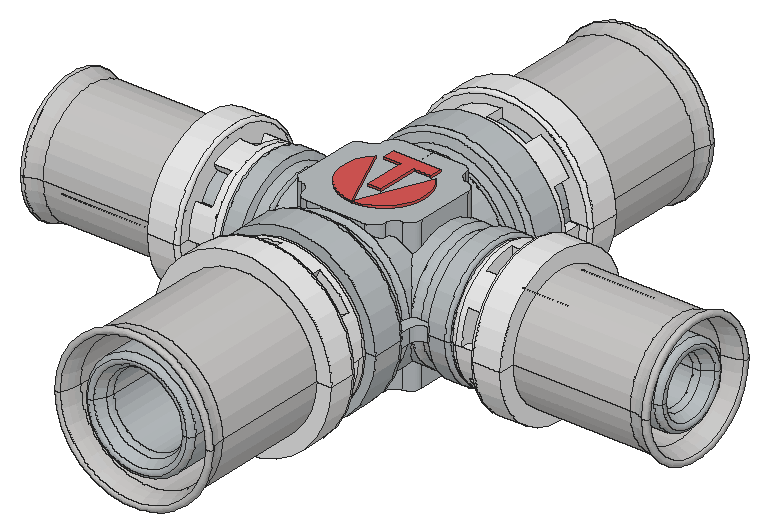
Revit family "VTm_241_КрестовинаПресс1", category Соединительные детали трубопроводов, Revit 2017
Family settings
  Размер круглого соединителя = Использовать диаметр
  Тип детали = Крестовина
  На основе рабочей плоскости = Нет
  Всегда вертикально = Да
  При загрузке вырезать с полостями = Нет
  Общий = Нет
Parameters (values of type "все существующие типоразмеры подбираются автоматически")
  Тело16_20_16_20 = VTm_241_ТелоКрестовины_16_20_16_20 : VTm_241_ТелоКрестовины_16_20_16_20
  Тело20_16_20_16 = VTm_241_ТелоКрестовины_20_16_20_16 : VTm_241_ТелоКрестовины_20_16_20_16
  Тело20 = VTm_241_ТелоКрестовины_20 : VTm_241_ТелоКрестовины_20
  Тело16 = VTm_241_ТелоКрестовины_16 : VTm_241_ТелоКрестовины_16
  Тело [instance] = if(and(DN1 = 16.00 mm, DN2 = 16.00 mm, DN3 = 16.00 mm, DN4 = 16.00 mm), Тело16, if(and(DN1 = 20.00 mm, DN2 = 20.00 mm, DN3 = 20.00 mm, DN4 = 20.00 mm), Тело20, if(and(DN1 = 20.00 mm, DN2 = 16.00 mm, DN3 = 20.00 mm, DN4 = 16.00 mm), Тело20_16_20_16, Тело16_20_16_20)))  # VTm_241_ТелоКрестовины_16_20_16_20 : VTm_241_ТелоКрестовины_16_20_16_20
  Стоимость = 0
  РадБазы4 [instance] = DN4 / 4  # 5.00 mm
  РадБазы3 [instance] = DN3 / 4  # 4.00 mm
  РадБазы2 [instance] = DN2 / 4  # 5.00 mm
  РадБазы1 [instance] = DN1 / 4  # 4.00 mm
  Описание = "Служит для пресс соединения, с пересечением в плоскости, металлополимерных, PEX и PE труб"  # constant formula
  Комментарии к типоразмеру = "Модель разработана по заказу ВЕСТА Регионы, автор Михаил Кузьмин НПО ИНКОМИС, правообладатель ВЕСТА Регионы"  # constant formula
  Имя, размер [instance] = ADSK_Наименование  # "Крестовина пресс 20х16х20х16 VTm.241"
  Изготовитель = "VALTEC"  # constant formula
  ДлинаБазы4 [instance] = size_lookup(DB1, "ST4", 0.00 mm, DN1, DN2, DN3, DN4)  # 19.05 mm
  ДлинаБазы3 [instance] = size_lookup(DB1, "ST3", 0.00 mm, DN1, DN2, DN3, DN4)  # 18.90 mm
  ДлинаБазы2 [instance] = size_lookup(DB1, "ST2", 0.00 mm, DN1, DN2, DN3, DN4)  # 19.05 mm
  ДлинаБазы1 [instance] = size_lookup(DB1, "ST1", 0.00 mm, DN1, DN2, DN3, DN4)  # 18.90 mm
  Гильза4 [instance] = if(DN4 = 16.00 mm, Гильза16, Гильза20)  # VTm_241_Гильза_от_16_до_20 : 20
  Гильза3 [instance] = if(DN3 = 16.00 mm, Гильза16, Гильза20)  # VTm_241_Гильза_от_16_до_20 : 16
  Гильза20 = VTm_241_Гильза_от_16_до_20 : 20
  Гильза2 [instance] = if(DN2 = 16.00 mm, Гильза16, Гильза20)  # VTm_241_Гильза_от_16_до_20 : 20
  Гильза16 = VTm_241_Гильза_от_16_до_20 : 16
  Гильза1 [instance] = if(DN1 = 16.00 mm, Гильза16, Гильза20)  # VTm_241_Гильза_от_16_до_20 : 16
  VT_Цена базовая [instance] = size_lookup(DB3, "ST1", 0, DN1, DN2, DN3, DN4)  # 473
  VT_symbol [instance] = Асфальт, дорожное покрытие
  VT_sleeve = Нержавеющая сталь
  VT_ring = Пластмасса, непрозрачная, белая
  VT_logo = Алюминий, анодированный красный
  VT_body = Цинк
  URL = "http://valtec.ru/catalog/sistemy_metallopolimernyh_i_polimernyh_truboprovodov/press_fitingi/press_fiting_ugolnik_vtm251n.html"
  DN4 [instance] = 20.00 mm
  DN3 [instance] = 16.00 mm
  DN2 [instance] = 20.00 mm
  DN1 [instance] = 16.00 mm
  DB4 = "VTm_241_МассаТекст"  # constant formula
  DB3 = "VTm_241_Артикул_Цены"  # constant formula
  DB2 = "VTm_241_Позиция_Масса"  # constant formula
  DB1 = "VTm_241_Наименование_Размеры"  # constant formula
  ADSK_Примечание [instance] = ""
  ADSK_Позиция [instance] = size_lookup(DB2, "", "Такого типоразмера не существует", DN1, DN2, DN3, DN4)  # "241.2016"
  ADSK_Обозначение [instance] = size_lookup(DB3, "", "Такого типоразмера не существует", DN1, DN2, DN3, DN4)  # "VTm.241.N.201620"
  ADSK_Наименование [instance] = size_lookup(DB1, "", "Такого типоразмера не существует", DN1, DN2, DN3, DN4)  # "Крестовина пресс 20х16х20х16 VTm.241"
  ADSK_Масса_Текст [instance] = size_lookup(DB4, "", " ", DN1, DN2, DN3, DN4)  # "0.219"
  ADSK_Масса [instance] = size_lookup(DB2, "ST1", 0, DN1, DN2, DN3, DN4)  # 0.219
  ADSK_Завод-изготовитель = "VALTEC"  # constant formula
  ADSK_Единица измерения = "шт"  # constant formula
  ADSK_Версия семейства = "01.01"  # constant formula
  ADSK_Версия Revit = "2017"  # constant formula
Reference planes
  plane 1 "По центру (Вперед/Назад)": y = 0
  plane 2: z = 0
  plane 3 "По центру (Влево/Вправо)": x = 0
  plane 4: x = -18.9
  plane 5: y = 19.05
  plane 6: x = 18.9
  plane 7: y = -19.05
  plane 8: y = 39.05
  plane 9: x = -34.9
  plane 10: y = -39.05
  plane 11: x = 34.9
  plane 12: x = -50.9
  plane 13: y = 16
  plane 14: y = -16
  plane 15: y = 59.05
  plane 16: x = -20
  plane 17: x = 20
  plane 18: x = 50.9
  plane 19: y = 16
  plane 20: y = -16
  plane 21: y = -59.05
  plane 22: x = -20
  plane 23: x = 20
  plane 24: z = -0.4
  plane 25: z = 0.4
Forms (mm)
  Extrusion 1, solid, not visible
    sketch origin (0, 0, 0) x (0, 1, 0) y (0, 0, 1)
      loop
        circle (0, 0) r 4
    from 0 to -18.9
  Extrusion 2, solid, not visible
    sketch origin (0, 0, 0) x (1, 0, 0) y (0, 0, 1)
      loop
        circle (0, 0) r 5
    from 0 to -19.05
  Extrusion 3, solid, not visible
    sketch origin (0, 0, 0) x (0, 1, 0) y (0, 0, 1)
      loop
        circle (0, 0) r 4
    from 0 to 18.9
  Extrusion 4, solid, not visible
    sketch origin (0, 0, 0) x (1, 0, 0) y (0, 0, 1)
      loop
        circle (0, 0) r 5
    from 0 to 19.05
  Extrusion 5, solid, material "Асфальт, дорожное покрытие" <- "VT_symbol", detail levels coarse
    sketch origin (0, 0, 0) x (1, 0, 0) y (0, 1, 0)
      loop
        line (-34.9, 0) -> (0, -39.05) -> (34.9, 0) -> (0, 39.05) -> (-34.9, 0)
    from -0.4 to 0.4
Lines and regions (mm)
  model lines, style "VT_symbol", detail levels medium
    curve 1: line (-50.9, 16, 0) -> (-18.9, -16, 0)
    curve 2: line (-50.9, -16, 0) -> (-18.9, 16, 0)
    curve 3: line (-20, 59.05, 0) -> (20, 19.05, 0)
    curve 4: line (20, 59.05, 0) -> (-20, 19.05, 0)
    curve 5: line (18.9, 16, 0) -> (50.9, -16, 0)
    curve 6: line (50.9, 16, 0) -> (18.9, -16, 0)
    curve 7: line (-20, -19.05, 0) -> (20, -59.05, 0)
    curve 8: line (-20, -59.05, 0) -> (20, -19.05, 0)
  model lines, style "VT_symbol", detail levels coarse+medium
    curve 9: line (0, 19.05, 0) -> (0, -19.05, 0)
    curve 10: line (-18.9, 0, 0) -> (18.9, 0, 0)
Dimensions and locks
  "ДлинаБазы1": plane 4 to plane 3 "По центру (Влево/Вправо)"
  "ДлинаБазы2": plane 5 to plane 1 "По центру (Вперед/Назад)"
  "ДлинаБазы3": plane 3 "По центру (Влево/Вправо)" to plane 6
  "ДлинаБазы4": plane 7 to plane 1 "По центру (Вперед/Назад)"
  "DN1": plane 9 to plane 4
  "DN2": plane 8 to plane 5
  "DN3": plane 6 to plane 11
  "DN4": plane 10 to plane 7
  equal spacing: plane 12, plane 9, plane 4
  "DN1": plane 13 to plane 1 "По центру (Вперед/Назад)"
  equal spacing: plane 13, plane 1 "По центру (Вперед/Назад)", plane 14
  equal spacing: plane 5, plane 8, plane 15
  "DN2": plane 16 to plane 3 "По центру (Влево/Вправо)"
  equal spacing: plane 16, plane 3 "По центру (Влево/Вправо)", plane 17
  equal spacing: plane 6, plane 11, plane 18
  "DN3": plane 19 to plane 1 "По центру (Вперед/Назад)"
  equal spacing: plane 19, plane 1 "По центру (Вперед/Назад)", plane 20
  "DN4": plane 22 to plane 3 "По центру (Влево/Вправо)"
  equal spacing: plane 22, plane 3 "По центру (Влево/Вправо)", plane 23
  equal spacing: plane 21, plane 10, plane 7
  equal spacing: plane 25, plane 2, plane 24, locked at 0.4 each
  "РадБазы1": radius of Extrusion 1 sketch curve
  "РадБазы2": radius of Extrusion 2 sketch curve
  "РадБазы3": radius of Extrusion 3 sketch curve
  "РадБазы4": radius of Extrusion 4 sketch curve
  aligned and locked: level to plane 2
  aligned and locked: plane 1 "По центру (Вперед/Назад)" to Extrusion 1 sketch curve
  aligned and locked: plane 2 to Extrusion 1 sketch curve
  aligned and locked: plane 3 "По центру (Влево/Вправо)" to Extrusion 2 sketch curve
  aligned and locked: plane 2 to Extrusion 2 sketch curve
  aligned and locked: Extrusion 1 to plane 3 "По центру (Влево/Вправо)"
  aligned and locked: plane 1 "По центру (Вперед/Назад)" to Extrusion 2
  aligned and locked: plane 5 to Extrusion 2
  aligned and locked: Extrusion 1 to plane 4
  aligned and locked: plane 1 "По центру (Вперед/Назад)" to nested 1
  aligned and locked: plane 3 "По центру (Влево/Вправо)" to nested 1
  aligned and locked: plane 1 "По центру (Вперед/Назад)" to Extrusion 3 sketch curve
  aligned and locked: plane 2 to Extrusion 3 sketch curve
  aligned and locked: Extrusion 3 to plane 3 "По центру (Влево/Вправо)"
  aligned and locked: Extrusion 3 to plane 6
  aligned and locked: plane 3 "По центру (Влево/Вправо)" to Extrusion 4 sketch curve
  aligned and locked: plane 2 to Extrusion 4 sketch curve
  aligned and locked: Extrusion 4 to plane 1 "По центру (Вперед/Назад)"
  aligned and locked: plane 7 to Extrusion 4
  aligned and locked: nested 2 to plane 1 "По центру (Вперед/Назад)"
  aligned and locked: nested 4 to plane 1 "По центру (Вперед/Назад)"
  aligned and locked: plane 3 "По центру (Влево/Вправо)" to nested 3
  aligned and locked: plane 3 "По центру (Влево/Вправо)" to nested 5
  aligned and locked: nested 6 to plane 1 "По центру (Вперед/Назад)"
  aligned and locked: nested 6 to plane 2
  aligned and locked: nested 8 to plane 1 "По центру (Вперед/Назад)"
  aligned and locked: nested 8 to plane 2
  aligned and locked: plane 3 "По центру (Влево/Вправо)" to nested 7
  aligned and locked: nested 7 to plane 2
  aligned and locked: plane 3 "По центру (Влево/Вправо)" to nested 9
  aligned and locked: nested 9 to plane 2
  aligned and locked: plane 22 to curve 8
  aligned and locked: plane 21 to curve 8
  aligned and locked: plane 21 to curve 7
  aligned and locked: plane 23 to curve 7
  aligned and locked: plane 7 to curve 8
  aligned and locked: plane 23 to curve 8
  aligned and locked: plane 7 to curve 7
  aligned and locked: plane 22 to curve 7
  aligned and locked: plane 14 to curve 2
  aligned and locked: plane 12 to curve 2
  aligned and locked: plane 14 to curve 1
  aligned and locked: plane 4 to curve 1
  aligned and locked: plane 13 to curve 1
  aligned and locked: plane 12 to curve 1
  aligned and locked: plane 13 to curve 2
  aligned and locked: plane 4 to curve 2
  aligned and locked: plane 5 to curve 4
  aligned and locked: plane 16 to curve 4
  aligned and locked: plane 15 to curve 3
  aligned and locked: plane 16 to curve 3
  aligned and locked: plane 15 to curve 4
  aligned and locked: plane 17 to curve 4
  aligned and locked: plane 5 to curve 3
  aligned and locked: plane 17 to curve 3
  aligned and locked: curve 9 to nested 1
  aligned and locked: plane 5 to curve 9
  aligned and locked: plane 7 to curve 9
  aligned and locked: plane 1 "По центру (Вперед/Назад)" to curve 10
  aligned and locked: plane 4 to curve 10
  aligned and locked: plane 6 to curve 10
  aligned and locked: plane 10 to Extrusion 5 sketch curve
  aligned and locked: plane 3 "По центру (Влево/Вправо)" to Extrusion 5 sketch curve  (x2)
  aligned and locked: plane 9 to Extrusion 5 sketch curve
  aligned and locked: plane 1 "По центру (Вперед/Назад)" to Extrusion 5 sketch curve  (x2)
  aligned and locked: plane 8 to Extrusion 5 sketch curve
  aligned and locked: plane 11 to Extrusion 5 sketch curve
  aligned and locked: Extrusion 5 to plane 24
  aligned and locked: plane 25 to Extrusion 5
Automatic sketch dimensions
  curve 5 to plane 6 = 0.00 mm
  curve 6 to plane 6 = 0.00 mm
  plane 13 to curve 6 = 0.00 mm
  curve 6 to plane 18 = 0.00 mm
  plane 14 to curve 5 = 0.00 mm
  curve 5 to plane 18 = 0.00 mm
  plane 14 to curve 6 = 0.00 mm
  plane 13 to curve 5 = 0.00 mm
Nested families
  nested 1: "VTm_241_ТелоКрестовины_16_20_16_20" at (0, 0, 0), type <- "Тело", type "VTm_241_ТелоКрестовины_16_20_16_20", detail levels fine
  nested 2: "VTm_241_Гильза_от_16_до_20" at (-18.9, 0, 0) x (0, 1, 0) z (-1, 0, 0), type <- "Гильза1", type "16", detail levels fine
  nested 3: "VTm_241_Гильза_от_16_до_20" at (0, -19.05, 0) x (1, 0, 0) z (0, -1, 0), type <- "Гильза4", type "20", detail levels fine
  nested 4: "VTm_241_Гильза_от_16_до_20" at (18.9, 0, 0) x (0, 1, 0) z (1, 0, 0), type <- "Гильза3", type "16", detail levels fine
  nested 5: "VTm_241_Гильза_от_16_до_20" at (0, 19.05, 0) x (1, 0, 0) z (0, 1, 0), type <- "Гильза2", type "20", detail levels fine
  nested 6: "MarkR" at (18.9, 0, 0) x (0, 1, 0) z (1, 0, 0), type "MarkR", not visible
  nested 7: "MarkR" at (0, 19.05, 0) x (1, 0, 0) z (0, -1, 0), type "MarkR", not visible
  nested 8: "MarkR" at (-18.9, 0, 0) x (0, 1, 0) z (1, 0, 0), type "MarkR", not visible
  nested 9: "MarkR" at (0, -19.05, 0) x (1, 0, 0) z (0, -1, 0), type "MarkR", not visible
Connectors
  piping at (-18.9, 0, 0), diameter 16, driven by "DN1"
    settings: on Extrusion 1, index 1, connector inside diameter 609.6 mm, connector length 0.00 mm, flow factor 0, pipe flow 0.0 L/s, pressure drop 0.0 Pa, fitting loss kfactor 0, connector angle 0.00°, fixture units 0, engagement length 0.00 mm, angle of deflection 0.00°, flow configuration 0, flow direction 0, fitting loss method 0, system type 28, joint type 0, gender type 0, connector reference index 3, connector utility 0, adjustable connector no, is connector primary yes, connector description ""
  piping at (0, 19.05, 0), diameter 20, driven by "DN2"
    settings: on Extrusion 2, index 2, connector inside diameter 609.6 mm, connector length 0.00 mm, flow factor 0, pipe flow 0.0 L/s, pressure drop 0.0 Pa, fitting loss kfactor 0, connector angle 0.00°, fixture units 0, engagement length 0.00 mm, angle of deflection 0.00°, flow configuration 0, flow direction 0, fitting loss method 0, system type 28, joint type 0, gender type 0, connector reference index 4, connector utility 0, adjustable connector no, is connector primary no, connector description ""
  piping at (18.9, 0, 0), diameter 16, driven by "DN3"
    settings: on Extrusion 3, index 3, connector inside diameter 609.6 mm, connector length 0.00 mm, flow factor 0, pipe flow 0.0 L/s, pressure drop 0.0 Pa, fitting loss kfactor 0, connector angle 0.00°, fixture units 0, engagement length 0.00 mm, angle of deflection 0.00°, flow configuration 0, flow direction 0, fitting loss method 0, system type 28, joint type 0, gender type 0, connector reference index 1, connector utility 0, adjustable connector no, is connector primary no, connector description ""
  piping at (0, -19.05, 0), diameter 20, driven by "DN4"
    settings: on Extrusion 4, index 4, connector inside diameter 609.6 mm, connector length 0.00 mm, flow factor 0, pipe flow 0.0 L/s, pressure drop 0.0 Pa, fitting loss kfactor 0, connector angle 0.00°, fixture units 0, engagement length 0.00 mm, angle of deflection 0.00°, flow configuration 0, flow direction 0, fitting loss method 0, system type 28, joint type 0, gender type 0, connector reference index 2, connector utility 0, adjustable connector no, is connector primary no, connector description ""
Definition of nested family "VTm_241_ТелоКрестовины_16_20_16_20"
  Parameters (values of type "VTm_241_ТелоКрестовины_16_20_16_20")
    Description = ""
    Type Comments = ""
    VT_body = none
    VT_logo = none
  Reference planes
    plane 1 "По центру (Вперед/Назад)": y = 0
    plane 2: z = 0
    plane 3 "По центру (Влево/Вправо)": x = 0
    plane 4: z = -11.119
    plane 5: z = 11.119
    plane 6: z = -1
    plane 7: z = 1
  Forms (mm)
    Revolve 1, solid, material <- "VT_body"
      sketch origin (0, 0, 0) x (1, 0, 0) y (0, 1, 0)
        loop
          line (-17.108, 0) -> (-17.108, -8.992)
          arc (-17.108, -8.992) -> (-16.959, -9.351) -> (-16.6, -9.5) r 0.508
          line (-16.6, -9.5) -> (-14.108, -9.5) -> (-13.84, -8.5) -> (-12.227, -8.5)
          arc (-12.227, -8.5) -> (-11.614, -8.631) -> (-11.109, -9) r 1.5
          line (-11.109, -9) -> (11.109, -9)
          arc (11.109, -9) -> (11.614, -8.631) -> (12.227, -8.5) r 1.5
          line (12.227, -8.5) -> (13.84, -8.5) -> (14.108, -9.5) -> (16.6, -9.5)
          arc (16.6, -9.5) -> (16.959, -9.351) -> (17.108, -8.992) r 0.508
          line (17.108, -8.992) -> (17.108, 0) -> (-17.108, 0)
        axis (-17.108, 0) -> (17.108, 0)
      angle from 0 to 360
    Revolve 2, solid, material <- "VT_body"
      sketch origin (0, 0, 0) x (0, -1, 0) y (-1, 0, 0)
        loop
          line (17.25, 0) -> (-17.25, 0) -> (-17.25, -12.5) -> (-12.613, -12.5)
          arc (-12.613, -12.5) -> (-12.202, -12.361) -> (-11.961, -12) r 0.675
          line (-11.961, -12) -> (-11.614, -10.706) -> (-10, -10.706)
          arc (-10, -10.706) -> (-9.465, -10.825) -> (-9, -11.109) r 1.5
          line (-9, -11.109) -> (9, -11.109)
          arc (9, -11.109) -> (9.465, -10.825) -> (10, -10.727) r 1.5
          line (10, -10.727) -> (11.614, -10.706) -> (11.961, -12)
          arc (11.961, -12) -> (12.202, -12.361) -> (12.613, -12.5) r 0.675
          line (12.613, -12.5) -> (17.25, -12.5) -> (17.25, 0)
        axis (-17.25, 0) -> (17.25, 0)
      angle from 0 to 360
    Extrusion 3, solid, material <- "VT_body"
      sketch origin (0.118, 0, 0) x (1, 0, 0) y (0, 1, 0)
        loop
          line (-9.118, 4.232) -> (-9.118, -4.232)
          arc (-9.118, -4.232) -> (-8.644, -5.429) -> (-7.48, -5.979) r 1.751
          arc (-7.48, -5.979) -> (-6.572, -6.397) -> (-6.178, -7.315) r 1.393
          arc (-6.178, -7.315) -> (-5.642, -8.51) -> (-4.427, -9) r 1.752
          line (-4.427, -9) -> (4.191, -9)
          arc (4.191, -9) -> (5.406, -8.51) -> (5.942, -7.315) r 1.752
          arc (5.942, -7.315) -> (6.336, -6.397) -> (7.244, -5.979) r 1.393
          arc (7.244, -5.979) -> (8.408, -5.429) -> (8.882, -4.232) r 1.751
          line (8.882, -4.232) -> (8.882, 4.232)
          arc (8.882, 4.232) -> (8.408, 5.429) -> (7.244, 5.979) r 1.751
          arc (7.244, 5.979) -> (6.336, 6.397) -> (5.942, 7.315) r 1.393
          arc (5.942, 7.315) -> (5.406, 8.51) -> (4.191, 9) r 1.752
          line (4.191, 9) -> (-4.427, 9)
          arc (-4.427, 9) -> (-5.642, 8.51) -> (-6.178, 7.315) r 1.752
          arc (-6.178, 7.315) -> (-6.572, 6.397) -> (-7.48, 5.979) r 1.393
          arc (-7.48, 5.979) -> (-8.644, 5.429) -> (-9.118, 4.232) r 1.751
      from -11.119 to 11.119
    Extrusion 4, solid, material <- "VT_body"
      sketch origin (-5.137, 1.607, 0) x (1, 0, 0) y (0, 1, 0)
        loop
          line (-5.562, 10.01) -> (-6.81, 10.337)
          arc (-6.81, 10.337) -> (-7.206, 10.565) -> (-7.363, 10.995) r 0.668
          line (-7.363, 10.995) -> (-7.363, 9.401)
          arc (-7.363, 9.401) -> (-7.833, 8.301) -> (-8.954, 7.882) r 1.521
          line (-8.954, 7.882) -> (-8.754, 6.893) -> (-7.105, 6.893)
          arc (-7.105, 6.893) -> (-6.014, 7.345) -> (-5.562, 8.436) r 1.543
          line (-5.562, 8.436) -> (-5.562, 10.01)
      from -1 to 1
    Extrusion 5, solid, material <- "VT_body"
      sketch origin (5.137, 1.607, 0) x (-1, 0, 0) y (0, -1, 0)
        loop
          line (-5.562, -10.01) -> (-5.562, -8.436)
          arc (-5.562, -8.436) -> (-6.014, -7.345) -> (-7.105, -6.893) r 1.543
          line (-7.105, -6.893) -> (-8.754, -6.893) -> (-8.954, -7.882)
          arc (-8.954, -7.882) -> (-7.833, -8.301) -> (-7.363, -9.401) r 1.521
          line (-7.363, -9.401) -> (-7.363, -10.995)
          arc (-7.363, -10.995) -> (-7.206, -10.565) -> (-6.81, -10.337) r 0.668
          line (-6.81, -10.337) -> (-5.562, -10.01)
      from -1 to 1
    Extrusion 6, solid, material <- "VT_body"
      sketch origin (-5.137, -1.607, 0) x (1, 0, 0) y (0, 1, 0)
        loop
          line (-5.562, -10.01) -> (-5.562, -8.436)
          arc (-5.562, -8.436) -> (-6.014, -7.345) -> (-7.105, -6.893) r 1.543
          line (-7.105, -6.893) -> (-8.754, -6.893) -> (-8.954, -7.882)
          arc (-8.954, -7.882) -> (-7.833, -8.301) -> (-7.363, -9.401) r 1.521
          line (-7.363, -9.401) -> (-7.363, -10.995)
          arc (-7.363, -10.995) -> (-7.206, -10.565) -> (-6.81, -10.337) r 0.668
          line (-6.81, -10.337) -> (-5.562, -10.01)
      from -1 to 1
    Extrusion 7, solid, material <- "VT_body"
      sketch origin (5.137, -1.607, 0) x (-1, 0, 0) y (0, -1, 0)
        loop
          line (-5.562, 10.01) -> (-6.81, 10.337)
          arc (-6.81, 10.337) -> (-7.206, 10.565) -> (-7.363, 10.995) r 0.668
          line (-7.363, 10.995) -> (-7.363, 9.401)
          arc (-7.363, 9.401) -> (-7.833, 8.301) -> (-8.954, 7.882) r 1.521
          line (-8.954, 7.882) -> (-8.754, 6.893) -> (-7.105, 6.893)
          arc (-7.105, 6.893) -> (-6.014, 7.345) -> (-5.562, 8.436) r 1.543
          line (-5.562, 8.436) -> (-5.562, 10.01)
      from -1 to 1
  Cuts and joins
    joined: Revolve 1, Revolve 2
  Dimensions and locks
    equal spacing: plane 5, plane 2, plane 4, locked at 11.119 each
    equal spacing: plane 7, plane 2, plane 6, locked at 1 each
    equal spacing: Extrusion 3, plane 3 "По центру (Влево/Вправо)", Extrusion 3, locked at 9 each
    equal spacing: Extrusion 3, plane 1 "По центру (Вперед/Назад)", Extrusion 3, locked at 9 each
    equal spacing: cut or joined group of Revolve 1, Revolve 2, plane 1 "По центру (Вперед/Назад)", cut or joined group of Revolve 1, Revolve 2, locked at 17.25 each
    equal spacing: cut or joined group of Revolve 1, Revolve 2, plane 3 "По центру (Влево/Вправо)", cut or joined group of Revolve 1, Revolve 2, locked at 14.108 each
    equal spacing: Extrusion 6, plane 3 "По центру (Влево/Вправо)", Extrusion 7, locked at 10.7 each
    equal spacing: Extrusion 6, plane 3 "По центру (Влево/Вправо)", Extrusion 7, locked at 12.5 each
    equal spacing: Extrusion 4, plane 1 "По центру (Вперед/Назад)", Extrusion 6, locked at 8.5 each
    equal spacing: Extrusion 4, plane 3 "По центру (Влево/Вправо)", Extrusion 5, locked at 10.7 each
    equal spacing: Extrusion 4, plane 3 "По центру (Влево/Вправо)", Extrusion 5, locked at 12.5 each
    equal spacing: Extrusion 7, plane 1 "По центру (Вперед/Назад)", Extrusion 5, locked at 8.5 each
    aligned and locked: level to plane 2
    aligned and locked: plane 1 "По центру (Вперед/Назад)" to Revolve 1 sketch curve
    aligned and locked: Revolve 1 sketch curve to plane 2
    aligned and locked: Revolve 1 sketch curve to Revolve 1 sketch curve
    aligned and locked: Revolve 2 sketch curve to Revolve 2 sketch curve
    aligned and locked: Revolve 2 sketch curve to plane 3 "По центру (Влево/Вправо)"
    aligned and locked: Revolve 2 sketch curve to plane 2
    aligned and locked: Extrusion 3 to plane 4
    aligned and locked: Extrusion 3 to plane 5
    aligned and locked: Extrusion 4 to plane 6
    aligned and locked: plane 7 to Extrusion 4
    aligned and locked: plane 3 "По центру (Влево/Вправо)" to nested 1
    aligned and locked: plane 1 "По центру (Вперед/Назад)" to nested 1
    aligned and locked: nested 2 to plane 3 "По центру (Влево/Вправо)"
    aligned and locked: plane 1 "По центру (Вперед/Назад)" to nested 2
    aligned and locked: Extrusion 7 to plane 6
    aligned and locked: plane 7 to Extrusion 7
    aligned and locked: plane 7 to Extrusion 5
    aligned and locked: Extrusion 5 to plane 6
    aligned and locked: Extrusion 6 to plane 6
    aligned and locked: plane 7 to Extrusion 6
  Automatic sketch dimensions
    Revolve 1 sketch curve to Revolve 1 sketch curve = 14.564 mm
    Revolve 1 sketch curve to Revolve 1 sketch curve = 0.00 mm
    Revolve 2 sketch curve to plane 1 "По центру (Вперед/Назад)" = 17.25 mm
    Revolve 2 sketch curve to Revolve 2 sketch curve = 0.00 mm
    Extrusion 3 sketch curve to plane 3 "По центру (Влево/Вправо)" = 9.00 mm
    Extrusion 3 sketch curve to Extrusion 3 sketch curve = 1.548 mm  (x2)
    Extrusion 3 sketch curve to Extrusion 3 sketch curve = 1.751 mm  (x3)
    Extrusion 3 sketch curve to Extrusion 3 sketch curve = 3.143 mm  (x2)
    Extrusion 3 sketch curve to Extrusion 3 sketch curve = 0.00 mm  (x8)
    plane 3 "По центру (Влево/Вправо)" to Extrusion 3 sketch curve = 4.309 mm  (x2)
    Extrusion 3 sketch curve to Extrusion 3 sketch curve = 2.94 mm  (x2)
    Extrusion 3 sketch curve to Extrusion 3 sketch curve = 0.203 mm  (x2)
    plane 1 "По центру (Вперед/Назад)" to Extrusion 3 sketch curve = 9.00 mm
    Extrusion 3 sketch curve to Extrusion 3 sketch curve = 1.631 mm  (x2)
    Extrusion 3 sketch curve to Extrusion 3 sketch curve = 1.752 mm  (x3)
    Extrusion 3 sketch curve to Extrusion 3 sketch curve = 3.137 mm  (x4)
    Extrusion 3 sketch curve to plane 1 "По центру (Вперед/Назад)" = 4.232 mm  (x2)
    Extrusion 3 sketch curve to Extrusion 3 sketch curve = 3.016 mm  (x2)
    Extrusion 4 sketch curve to plane 3 "По центру (Влево/Вправо)" = 14.091 mm
    Extrusion 4 sketch curve to Extrusion 4 sketch curve = 0.07 mm
    Extrusion 4 sketch curve to Extrusion 4 sketch curve = 0.20 mm
    Extrusion 4 sketch curve to Extrusion 4 sketch curve = 1.521 mm
    Extrusion 4 sketch curve to Extrusion 4 sketch curve = 0.257 mm
    Extrusion 4 sketch curve to Extrusion 4 sketch curve = 0.552 mm
    Extrusion 4 sketch curve to Extrusion 4 sketch curve = 0.115 mm
    Extrusion 4 sketch curve to Extrusion 4 sketch curve = 1.543 mm
    Extrusion 4 sketch curve to plane 1 "По центру (Вперед/Назад)" = 8.50 mm
    Extrusion 4 sketch curve to Extrusion 4 sketch curve = 0.989 mm
    Extrusion 4 sketch curve to Extrusion 4 sketch curve = 1.575 mm
    Extrusion 4 sketch curve to Extrusion 4 sketch curve = 0.936 mm
    Extrusion 5 sketch curve to plane 3 "По центру (Влево/Вправо)" = 14.091 mm
    Extrusion 5 sketch curve to Extrusion 5 sketch curve = 0.07 mm
    Extrusion 5 sketch curve to Extrusion 5 sketch curve = 0.20 mm
    Extrusion 5 sketch curve to Extrusion 5 sketch curve = 1.521 mm
    Extrusion 5 sketch curve to Extrusion 5 sketch curve = 0.257 mm
    Extrusion 5 sketch curve to Extrusion 5 sketch curve = 0.552 mm
    Extrusion 5 sketch curve to Extrusion 5 sketch curve = 0.115 mm
    Extrusion 5 sketch curve to Extrusion 5 sketch curve = 1.543 mm
    plane 1 "По центру (Вперед/Назад)" to Extrusion 5 sketch curve = 8.50 mm
    Extrusion 5 sketch curve to Extrusion 5 sketch curve = 0.989 mm
    Extrusion 5 sketch curve to Extrusion 5 sketch curve = 1.575 mm
    Extrusion 5 sketch curve to Extrusion 5 sketch curve = 0.936 mm
    plane 3 "По центру (Влево/Вправо)" to Extrusion 6 sketch curve = 14.091 mm
    Extrusion 6 sketch curve to Extrusion 6 sketch curve = 0.07 mm
    Extrusion 6 sketch curve to Extrusion 6 sketch curve = 0.20 mm
    Extrusion 6 sketch curve to Extrusion 6 sketch curve = 1.521 mm
    Extrusion 6 sketch curve to Extrusion 6 sketch curve = 0.257 mm
    Extrusion 6 sketch curve to Extrusion 6 sketch curve = 0.552 mm
    Extrusion 6 sketch curve to Extrusion 6 sketch curve = 0.115 mm
    Extrusion 6 sketch curve to Extrusion 6 sketch curve = 1.543 mm
    Extrusion 6 sketch curve to plane 1 "По центру (Вперед/Назад)" = 8.50 mm
    Extrusion 6 sketch curve to Extrusion 6 sketch curve = 0.989 mm
    Extrusion 6 sketch curve to Extrusion 6 sketch curve = 1.575 mm
    Extrusion 6 sketch curve to Extrusion 6 sketch curve = 0.936 mm
    plane 3 "По центру (Влево/Вправо)" to Extrusion 7 sketch curve = 14.091 mm
    Extrusion 7 sketch curve to Extrusion 7 sketch curve = 0.07 mm
    Extrusion 7 sketch curve to Extrusion 7 sketch curve = 0.20 mm
    Extrusion 7 sketch curve to Extrusion 7 sketch curve = 1.521 mm
    Extrusion 7 sketch curve to Extrusion 7 sketch curve = 0.257 mm
    Extrusion 7 sketch curve to Extrusion 7 sketch curve = 0.552 mm
    Extrusion 7 sketch curve to Extrusion 7 sketch curve = 0.115 mm
    Extrusion 7 sketch curve to Extrusion 7 sketch curve = 1.543 mm
    plane 1 "По центру (Вперед/Назад)" to Extrusion 7 sketch curve = 8.50 mm
    Extrusion 7 sketch curve to Extrusion 7 sketch curve = 0.989 mm
    Extrusion 7 sketch curve to Extrusion 7 sketch curve = 1.575 mm
    Extrusion 7 sketch curve to Extrusion 7 sketch curve = 0.936 mm
  Nested families
    nested 1: "VTm_241_Logo_12mm" at (0, 0, 11.119), type "VTm_241_Logo_12mm"
    nested 2: "VTm_241_Logo_12mm" at (0, 0, -11.119) x (-1, 0, 0) z (0, 0, -1), type "VTm_241_Logo_12mm"
  Definition of nested family "VTm_241_Logo_12mm"
    Parameters (values of type "VTm_241_Logo_12mm")
      Default Elevation = 0.00 mm
      Description = ""
      Type Comments = ""
      VT_logo = none
    Reference planes
      plane 1 "По центру (Вперед/Назад)": y = 0
      plane 2: z = 0
      plane 3 "По центру (Влево/Вправо)": x = 0
      plane 4: z = -0.8
      plane 5: z = 0.25
    Forms (mm)
      Extrusion 1, solid, not visible
        sketch origin (0, 0, 0) x (1, 0, 0) y (0, 1, 0)
          loop
            line (-1219.2, 1219.2) -> (-1219.2, -1219.2) -> (1219.2, -1219.2) -> (1219.2, 1219.2) -> (-1219.2, 1219.2)
        from 0 to -304.8
      Extrusion 2, solid, material <- "VT_logo"
        sketch origin (0, 0, 0) x (1, 0, 0) y (0, 1, 0)
          loop
            line (-3.5, 6.117) -> (-3.5, 4.317) -> (-0.95, 4.317) -> (-0.95, -1.8) -> (0.95, -1.8) -> (0.95, 4.317) -> (3.5, 4.317) -> (3.5, 6.117) -> (-3.5, 6.117)
          loop
            line (-0.005, -6.003) -> (-4.465, 4.013)
            arc (-4.465, 4.013) -> (-5.484, -2.442) -> (-0.005, -6.003) r 6.003
        from -0.8 to 0.25
      Extrusion 3, solid, material <- "VT_logo"
        sketch origin (0, 0, 0) x (1, 0, 0) y (0, 1, 0)
          loop
            line (4.465, 4.013) -> (0.005, -6.003)
            arc (0.005, -6.003) -> (5.484, -2.442) -> (4.465, 4.013) r 6.003
        from -0.8 to 0.25
    Dimensions and locks
      locked: plane 2 to plane 4 at 0.8
      locked: plane 5 to plane 2 at 0.25
      Extrusion 2 sketch curve to plane 3 "По центру (Влево/Вправо)" to Extrusion 2 sketch curve = 3.50 mm, 3.50 mm
      Extrusion 2 sketch curve to plane 3 "По центру (Влево/Вправо)" to Extrusion 2 sketch curve = 0.95 mm, 0.95 mm
      Extrusion 2 sketch curve to plane 1 "По центру (Вперед/Назад)" = 1.80 mm
      Extrusion 2 sketch curve to Extrusion 2 sketch curve = 1.80 mm  (x2)
      Extrusion 2 sketch curve to plane 1 "По центру (Вперед/Назад)" = 6.117 mm
      equal spacing: Extrusion 2, plane 3 "По центру (Влево/Вправо)", Extrusion 2, locked at 3.5 each
      equal spacing: Extrusion 2, plane 3 "По центру (Влево/Вправо)", Extrusion 2, locked at 0.95 each
      locked: Extrusion 2 to Extrusion 2 at 1.8  (x2)
      locked: Extrusion 2 to plane 1 "По центру (Вперед/Назад)" at 1.8
      locked: Extrusion 2 to plane 1 "По центру (Вперед/Назад)" at 6.117
      aligned and locked: plane 2 to Extrusion 1
      aligned and locked: level to Extrusion 1
      aligned and locked: plane 3 "По центру (Влево/Вправо)" to Extrusion 2 sketch curve
      aligned and locked: plane 1 "По центру (Вперед/Назад)" to Extrusion 2 sketch curve
      aligned and locked: plane 1 "По центру (Вперед/Назад)" to Extrusion 3 sketch curve
      aligned and locked: plane 3 "По центру (Влево/Вправо)" to Extrusion 3 sketch curve
      aligned and locked: Extrusion 2 to plane 4
      aligned and locked: Extrusion 3 to plane 4
      aligned and locked: plane 5 to Extrusion 3
      aligned and locked: plane 5 to Extrusion 2
    Automatic sketch dimensions
      Extrusion 1 sketch curve to Extrusion 1 sketch curve = 2438.40 mm  (x2)
      Extrusion 2 sketch curve to Extrusion 2 sketch curve = 0.965 mm
      Extrusion 2 sketch curve to plane 3 "По центру (Влево/Вправо)" = 0.005 mm
      Extrusion 2 sketch curve to Extrusion 2 sketch curve = 4.203 mm
      plane 3 "По центру (Влево/Вправо)" to Extrusion 3 sketch curve = 0.005 mm
      plane 3 "По центру (Влево/Вправо)" to Extrusion 3 sketch curve = 4.465 mm
      plane 1 "По центру (Вперед/Назад)" to Extrusion 3 sketch curve = 6.003 mm
Definition of nested family "VTm_241_Гильза_от_16_до_20"
  Parameters (values of type "16")
    ТолщСтенкТруб = 2.10 mm
    РегулировкаВысотГильз = 17.30 mm
    РадПерфНаруж = 9.30 mm
    РадПерфВнутр = РадПерфНаруж - 1.30 mm  # 8.00 mm
    РадГабаритКольца = 11.20 mm
    Default Elevation = 0.00 mm
    НарРадТруб = НарДиамТруб / 2  # 8.00 mm
    НарДиамТруб = 16.00 mm
    ВысотаОкон = 2.697 mm
    VT_body = none
    VT_ring = none
    VT_sleeve = none
  Types (2, lengths in mm): name | РегулировкаВысотГильз | РадПерфНаруж | РадПерфВнутр | РадГабаритКольца | НарРадТруб | НарДиамТруб
    16 | 17.30 | 9.30 | 8.00 | 11.20 | 8.00 | 16.00
    20 | 17.35 | 11.45 | 10.15 | 13.20 | 10.05 | 20.10
  Reference planes
    plane 1 "По центру (Вперед/Назад)": y = 0
    plane 2: z = 0
    plane 3 "По центру (Влево/Вправо)": x = 0
    plane 4: z = -1.8
    plane 5: z = 2.697
    plane 6: z = 7.197
    plane 7: x = -11.2
    plane 8: x = -9.3
    plane 9 "РадПерфВнутр": x = -8
    plane 10: through (0, 0, 1219.2) normal (-0.5, -0.866, 0)
    plane 11: through (0, 0, 1219.2) normal (-0.866, -0.5, 0)
    plane 12: through (0, 0, 1219.2) normal (-0.866, 0.5, 0)
    plane 13: through (0, 0, 1219.2) normal (-0.5, 0.866, 0)
    plane 14: x = -8.9
    plane 15: z = 24.497
    plane 16: z = 27.313
    plane 17: x = -5.9
    plane 18: x = -3.5
    plane 19 "РадНарТруб": x = -8
    plane 20: x = -13.75
  Forms (mm)
    Extrusion 1, solid, not visible
      sketch origin (0, 0, 0) x (1, 0, 0) y (0, 1, 0)
        loop
          line (-1219.2, 1219.2) -> (-1219.2, -1219.2) -> (1219.2, -1219.2) -> (1219.2, 1219.2) -> (-1219.2, 1219.2)
      from 0 to -304.8
    Revolve 2, solid, material <- "VT_ring"
      sketch origin (0, 0, 0) x (1, 0, 0) y (0, 0, 1)
        loop
          line (-8, 0) -> (-8, 2.697) -> (-9.3, 2.697) -> (-9.3, -0.817)
          arc (-9.3, -0.817) -> (-9.012, -1.512) -> (-8.317, -1.8) r 0.983
          line (-8.317, -1.8) -> (0, -1.8) -> (0, 0) -> (-8, 0)
        axis (0, 2.697) -> (0, -1.8)
      angle from 0 to 360
    Extrusion 3, void
      sketch origin (0, 0, 0) x (1, 0, 0) y (0, 1, 0)
        loop
          line (-9.3, 0) -> (-8, 0)
          arc (-8, 0) -> (-7.727, 2.071) -> (-6.928, 4) r 8
          line (-6.928, 4) -> (-8.054, 4.65)
          arc (-8.054, 4.65) -> (-8.983, 2.407) -> (-9.3, 0) r 9.3
        loop
          arc (-4, 6.928) -> (-2.071, 7.727) -> (0, 8) r 8
          line (0, 8) -> (0, 9.3)
          arc (0, 9.3) -> (-2.407, 8.983) -> (-4.65, 8.054) r 9.3
          line (-4.65, 8.054) -> (-4, 6.928)
        loop
          arc (4, 6.928) -> (5.657, 5.657) -> (6.928, 4) r 8
          line (6.928, 4) -> (8.054, 4.65)
          arc (8.054, 4.65) -> (6.576, 6.576) -> (4.65, 8.054) r 9.3
          line (4.65, 8.054) -> (4, 6.928)
        loop
          arc (8, 0) -> (7.727, -2.071) -> (6.928, -4) r 8
          line (6.928, -4) -> (8.054, -4.65)
          arc (8.054, -4.65) -> (8.983, -2.407) -> (9.3, 0) r 9.3
          line (9.3, 0) -> (8, 0)
        loop
          arc (4, -6.928) -> (2.071, -7.727) -> (0, -8) r 8
          line (0, -8) -> (0, -9.3)
          arc (0, -9.3) -> (2.407, -8.983) -> (4.65, -8.054) r 9.3
          line (4.65, -8.054) -> (4, -6.928)
        loop
          arc (-8.054, -4.65) -> (-6.576, -6.576) -> (-4.65, -8.054) r 9.3
          line (-4.65, -8.054) -> (-4, -6.928)
          arc (-4, -6.928) -> (-5.657, -5.657) -> (-6.928, -4) r 8
          line (-6.928, -4) -> (-8.054, -4.65)
      from 0 to 2.697
    Revolve 4, solid, material <- "VT_ring"
      sketch origin (0, 0, 0) x (1, 0, 0) y (0, 0, 1)
        loop
          line (-11.2, 7.197) -> (-11.2, 3.224)
          arc (-11.2, 3.224) -> (-11.046, 2.851) -> (-10.674, 2.697) r 0.526
          line (-10.674, 2.697) -> (-8, 2.697) -> (-8, 7.197) -> (-11.2, 7.197)
        axis (0, 2.697) -> (0, 7.197)
      angle from 0 to 360
    Revolve 5, solid, material <- "VT_sleeve"
      sketch origin (0, 0, 0) x (1, 0, 0) y (0, 0, 1)
        loop
          line (-8.9, 7.197) -> (-8, 7.197) -> (-8, 24.497)
          arc (-8, 24.497) -> (-8.187, 25.953) -> (-8.737, 27.313) r 5.75
          arc (-8.737, 27.313) -> (-9.35, 27.485) -> (-9.522, 26.873) r 0.45
          arc (-9.522, 26.873) -> (-9.058, 25.725) -> (-8.9, 24.497) r 4.85
          line (-8.9, 24.497) -> (-8.9, 7.197)
        axis (0, 27.313) -> (0, 7.197)
      angle from 0 to 360
    Revolve 6, solid, material <- "VT_body"
      sketch origin (0, 0, 0) x (1, 0, 0) y (0, 0, 1)
        loop
          line (-3.764, 24.955) -> (-4.576, 26.366)
          arc (-4.576, 26.366) -> (-4.898, 26.631) -> (-5.315, 26.617) r 0.591
          arc (-5.315, 26.617) -> (-5.74, 26.267) -> (-5.9, 25.739) r 0.951
          line (-5.9, 25.739) -> (-5.9, 0) -> (-3.5, 0) -> (-3.5, 23.969)
          arc (-3.5, 23.969) -> (-3.567, 24.479) -> (-3.764, 24.955) r 1.977
        axis (0, 26.617) -> (0, 0)
      angle from 0 to 360
  Cuts and joins
    Extrusion 3 cuts Revolve 2
  Dimensions and locks
    "РадГабаритКольца": plane 7 to plane 3 "По центру (Влево/Вправо)"
    "РадПерфНаруж": plane 8 to plane 3 "По центру (Влево/Вправо)"
    "РадПерфВнутр": plane 9 "РадПерфВнутр" to plane 3 "По центру (Влево/Вправо)"
    locked: plane 17 to plane 18 at 2.4
    "ТолщСтенкТруб": plane 19 "РадНарТруб" to plane 17
    "НарРадТруб": plane 19 "РадНарТруб" to plane 3 "По центру (Влево/Вправо)"
    locked: plane 14 to plane 19 "РадНарТруб" at 0.9
    "РегулировкаВысотГильз": plane 15 to plane 6
    locked: plane 16 to plane 15 at 2.816
    plane 16 to plane 4 = 29.113 mm
    locked: plane 19 "РадНарТруб" to plane 20 at 5.75
    locked: plane 6 to plane 5 at 4.5
    locked: plane 2 to plane 4 at 1.8
    "ВысотаОкон": plane 5 to plane 2
    "РадПерфВнутр": radius of Extrusion 3 sketch curve  (x6)
    "РадПерфНаруж": radius of Extrusion 3 sketch curve  (x6)
    aligned and locked: plane 2 to Extrusion 1
    aligned and locked: level to Extrusion 1
    aligned and locked: Revolve 2 sketch curve to plane 8
    aligned and locked: Revolve 2 sketch curve to plane 3 "По центру (Влево/Вправо)"
    aligned and locked: plane 2 to Revolve 2 sketch curve
    aligned and locked: plane 4 to Revolve 2 sketch curve  (x2)
    aligned and locked: Revolve 2 sketch curve to plane 2
    aligned and locked: Extrusion 3 sketch curve to plane 1 "По центру (Вперед/Назад)"
    aligned and locked: plane 10 to Extrusion 3 sketch curve
    aligned and locked: plane 3 "По центру (Влево/Вправо)" to Extrusion 3 sketch curve  (x13)
    aligned and locked: plane 1 "По центру (Вперед/Назад)" to Extrusion 3 sketch curve  (x13)
    aligned and locked: Extrusion 3 to plane 2
    aligned and locked: plane 5 to Extrusion 3
    aligned and locked: Revolve 2 sketch curve to plane 9 "РадПерфВнутр"
    aligned and locked: Revolve 2 sketch curve to plane 5
    aligned and locked: Extrusion 3 sketch curve to plane 11
    aligned and locked: Extrusion 3 sketch curve to plane 3 "По центру (Влево/Вправо)"
    aligned and locked: Extrusion 3 sketch curve to plane 12
    aligned and locked: plane 13 to Extrusion 3 sketch curve
    aligned and locked: Extrusion 3 sketch curve to plane 10
    aligned and locked: plane 11 to Extrusion 3 sketch curve
    aligned and locked: Extrusion 3 sketch curve to plane 13
    aligned and locked: plane 12 to Extrusion 3 sketch curve
    aligned and locked: plane 9 "РадПерфВнутр" to Revolve 4 sketch curve
    aligned and locked: plane 7 to Revolve 4 sketch curve
    aligned and locked: plane 6 to Revolve 4 sketch curve
    aligned and locked: Revolve 4 sketch curve to plane 5
    aligned and locked: plane 3 "По центру (Влево/Вправо)" to Revolve 4 sketch curve
    aligned and locked: plane 4 to Revolve 4 sketch curve
    aligned and locked: plane 2 to Revolve 4 sketch curve
    aligned and locked: Revolve 5 sketch curve to plane 3 "По центру (Влево/Вправо)"
    aligned and locked: plane 4 to Revolve 5 sketch curve
    aligned and locked: plane 2 to Revolve 5 sketch curve
    aligned and locked: Revolve 5 sketch curve to plane 14
    aligned and locked: Revolve 5 sketch curve to plane 6
    aligned and locked: Revolve 6 sketch curve to plane 2
    aligned and locked: plane 17 to Revolve 6 sketch curve
    aligned and locked: Revolve 6 sketch curve to plane 3 "По центру (Влево/Вправо)"
    aligned and locked: plane 4 to Revolve 6 sketch curve
    aligned and locked: plane 2 to Revolve 6 sketch curve
    aligned and locked: Revolve 6 sketch curve to plane 18
    aligned and locked: Revolve 5 sketch curve to plane 19 "РадНарТруб"
    aligned and locked: plane 20 to Revolve 5 sketch curve  (x2)
    aligned and locked: plane 15 to Revolve 5 sketch curve  (x2)
  Automatic sketch dimensions
    Extrusion 1 sketch curve to Extrusion 1 sketch curve = 2438.40 mm  (x2)
    Revolve 2 sketch curve to plane 3 "По центру (Влево/Вправо)" = 0.00 mm
    Revolve 2 sketch curve to plane 9 "РадПерфВнутр" = 0.317 mm
    Revolve 4 sketch curve to Revolve 4 sketch curve = 0.526 mm
    Revolve 5 sketch curve to plane 16 = 0.00 mm
    Revolve 5 sketch curve to Revolve 5 sketch curve = 0.00 mm  (x2)
    Revolve 6 sketch curve to plane 17 = 0.423 mm
    Revolve 6 sketch curve to plane 17 = 0.812 mm
    Revolve 6 sketch curve to Revolve 6 sketch curve = 0.139 mm
    Revolve 6 sketch curve to Revolve 6 sketch curve = 0.512 mm
    plane 18 to Revolve 6 sketch curve = 0.264 mm
    plane 15 to Revolve 6 sketch curve = 0.528 mm
    Revolve 6 sketch curve to Revolve 6 sketch curve = 0.332 mm
Definition of nested family "MarkR"
  Parameters (values of type "MarkR")
    Default Elevation = 0.00 mm
  Reference planes
    plane 1 "По центру (Вперед/Назад)": y = 0
    plane 2: z = 0
    plane 3 "По центру (Влево/Вправо)": x = 0
    plane 4: y = 0.437
    plane 5: x = -0.424
    plane 6: x = 0.424
    plane 7: y = -0.335
    plane 8: y = -0.62
    plane 9: y = 0.307
    plane 10: x = 0.537
    plane 11: x = -0.537
  Forms (mm)
    Extrusion 1, solid
      sketch origin (0, 0, 0) x (1, 0, 0) y (0, 1, 0)
        loop
          line (-1219.2, 1219.2) -> (-1219.2, -1219.2) -> (1219.2, -1219.2) -> (1219.2, 1219.2) -> (-1219.2, 1219.2)
      from 0 to -304.8
  Lines and regions (mm)
    model lines
      curve 1: circle (0, 0, 0) r 0.75 normal (0, 0, 1)
      curve 2: line (-0.537, 0.307, 0) -> (0, -0.62, 0)
      curve 3: line (0.537, 0.307, 0) -> (0, -0.62, 0)
      curve 4: line (0, -0.335, 0) -> (0, 0.437, 0)
      curve 5: line (-0.424, 0.437, 0) -> (0.424, 0.437, 0)
    model lines, not visible
      curve 6: circle (0, 0, 0) r 0.75 normal (0, 0, 1)
      curve 7: line (-0.537, 0.307, 0) -> (0, -0.62, 0)
      curve 8: line (0.537, 0.307, 0) -> (0, -0.62, 0)
      curve 9: line (0, -0.335, 0) -> (0, 0.437, 0)
      curve 10: line (-0.424, 0.437, 0) -> (0.424, 0.437, 0)
  Dimensions and locks
    locked: plane 4 to plane 1 "По центру (Вперед/Назад)" at 0.437
    locked: plane 7 to plane 1 "По центру (Вперед/Назад)" at 0.335
    locked: plane 9 to plane 1 "По центру (Вперед/Назад)" at 0.307
    locked: plane 8 to plane 1 "По центру (Вперед/Назад)" at 0.62
    equal spacing: plane 5, plane 3 "По центру (Влево/Вправо)", plane 6, locked at 0.424 each
    equal spacing: plane 11, plane 3 "По центру (Влево/Вправо)", plane 10, locked at 0.537 each
    aligned and locked: plane 2 to Extrusion 1
    aligned and locked: level to Extrusion 1
    aligned and locked: plane 2 to curve 1
    aligned and locked: plane 3 "По центру (Влево/Вправо)" to curve 1
    aligned and locked: plane 1 "По центру (Вперед/Назад)" to curve 1
  Automatic sketch dimensions
    Extrusion 1 sketch curve to Extrusion 1 sketch curve = 2438.40 mm  (x2)
